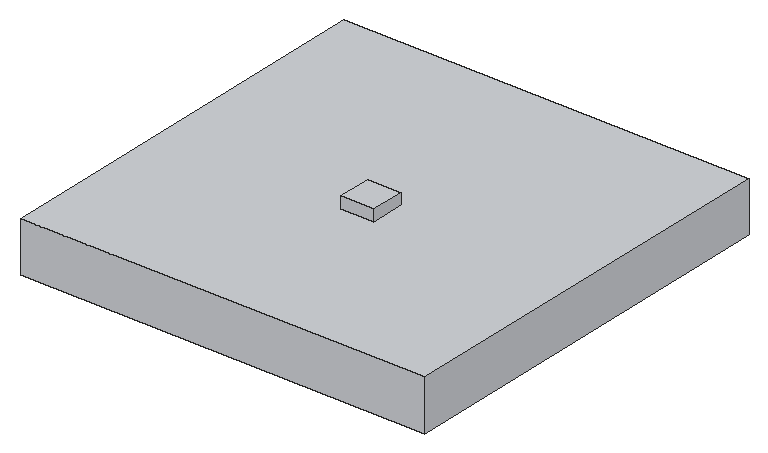
Revit family "M_Alto-falante - Quadrado", category Dispositivos de comunicação, Revit 2019
Family settings
  Hospedeiro = Face
  Manter orientação da anotação = Sim
  Cota do conector redondo = Utilizar diâmetro
  Tipo de parte = Normal
  Número OmniClass = 23.85.10.11.11.21
  Título OmniClass = Speakers
  ID de item do Seek = Speaker - Square-0000-CAN-ENU
  Corte com vazios quando carregada = Não
  Compartilhado = Não
  Ponto de cálculo do ambiente = Não
Parameters (values of type "Padrão")
  Largura = 203 mm
  Material do alto-falante = none
  Altura = 203 mm
  Linear = 67 mm
  Elevação-padrão = 1200 mm
Reference planes
  plane 1 "Centro (Frente/Trás)": y = 0
  plane 2: z = 0
  plane 3 "Centro (Esquerda/Direita)": x = 0
  plane 4: z = 67
  plane 5: x = -101.5
  plane 6: x = 101.5
  plane 7: y = -203
Forms (mm)
  Extrusion 1, solid
    sketch origin (0, 0, 0) x (1, 0, 0) y (0, 1, 0)
      loop
        line (-1219.2, 1219.2) -> (-1219.2, -1219.2) -> (1219.2, -1219.2) -> (1219.2, 1219.2) -> (-1219.2, 1219.2)
    from 0 to -304.8
  Extrusion 2, solid, material <- "Material do alto-falante"
    sketch origin (4.851, 0, 0) x (1, 0, 0) y (0, 1, 0)
      loop
        line (-106.351, 0) -> (-106.351, -203) -> (96.649, -203) -> (96.649, 0) -> (-106.351, 0)
    from 0 to 67
Lines and regions (mm)
  symbolic lines, detail levels fine
    curve 1: line (-101.5, 0, 67) -> (-101.5, 0, 0)
    curve 2: line (101.5, 0, 67) -> (-101.5, 0, 67)
    curve 3: line (101.5, 0, 0) -> (101.5, 0, 67)
    curve 4: line (-101.5, 0, 0) -> (101.5, 0, 0)
Dimensions and locks
  "Linear": plane 4 to plane 2
  equal spacing: plane 5, plane 3 "Centro (Esquerda/Direita)", plane 6
  "Largura": plane 5 to plane 6
  "Altura": plane 7 to plane 1 "Centro (Frente/Trás)"
  aligned and locked: plane 2 to Extrusion 1
  aligned and locked: level to Extrusion 1
  aligned and locked: plane 1 "Centro (Frente/Trás)" to Extrusion 2 sketch curve
  aligned and locked: plane 4 to Extrusion 2
  aligned and locked: Extrusion 2 to plane 5
  aligned and locked: plane 6 to Extrusion 2
  aligned and locked: Extrusion 2 to plane 7
  aligned and locked: curve 1 to Extrusion 2
  aligned and locked: curve 2 to Extrusion 2
  aligned and locked: curve 3 to Extrusion 2
  aligned and locked: curve 4 to Extrusion 2
  aligned and locked: plane 1 "Centro (Frente/Trás)" to nested 1
  aligned and locked: plane 3 "Centro (Esquerda/Direita)" to nested 1
Automatic sketch dimensions
  Extrusion 1 sketch curve to Extrusion 1 sketch curve = 2438.4 mm  (x2)
  Extrusion 2 sketch curve to plane 3 "Centro (Esquerda/Direita)" = 101.5 mm
  plane 3 "Centro (Esquerda/Direita)" to Extrusion 2 sketch curve = 101.5 mm
  plane 1 "Centro (Frente/Trás)" to Extrusion 2 sketch curve = 203 mm
Nested families
  nested 1: "M_Alto-falante - Quadrado anotação" at (0, 0, 0), type "Alto-falante - Anotação quadrada", detail levels coarse+medium
Connectors
  electrical at (0, 0, 33.5)
    settings: on Extrusion 2, index 1, voltage 0 V, apparent load 0 VA, apparent load phase1 0 VA, apparent load phase2 0 VA, apparent load phase3 0 VA, power factor 1, load classification "Outros", number of poles 1, system type 14, power factor state 1, is connector primary yes, connector utility no, sub classification motor no, connector description ""
Definition of nested family "M_Alto-falante - Quadrado anotação"
  Parameters
    Anotação de legenda = "S"
  Reference planes
    plane 1: y = 0
    plane 2: x = 0
  Lines and regions (mm)
    reference lines
      curve 1: line (-1.984, 5.783, 0) -> (-1.984, -7.274, 0)
      curve 2: line (1.984, 7.519, 0) -> (1.984, -7.274, 0)
      curve 3: line (-6.856, 3.969, 0) -> (8.926, 3.969, 0)
      curve 4: line (-9.435, 0, 0) -> (9.615, 0, 0)
    detail lines
      curve 5: line (-1.984, 3.969, 0) -> (1.984, 3.969, 0)
      curve 6: line (-1.984, 0, 0) -> (-1.984, 3.969, 0)
      curve 7: line (1.984, 0, 0) -> (-1.984, 0, 0)
      curve 8: line (1.984, 3.969, 0) -> (1.984, 0, 0)
  Text (mm)
    label "S" at (-1.056, 2.001, 0), shows "Anotação de legenda"
  Dimensions and locks
    locked: curve 1 to plane 2 at 1.984
    locked: plane 2 to curve 2 at 1.984
    locked: curve 4 to curve 3 at 3.969
    locked: curve 4 to plane 1
    aligned and locked: curve 3 to curve 5
    aligned and locked: curve 6 to curve 1
    aligned and locked: curve 7 to curve 4
    aligned and locked: curve 2 to curve 8
